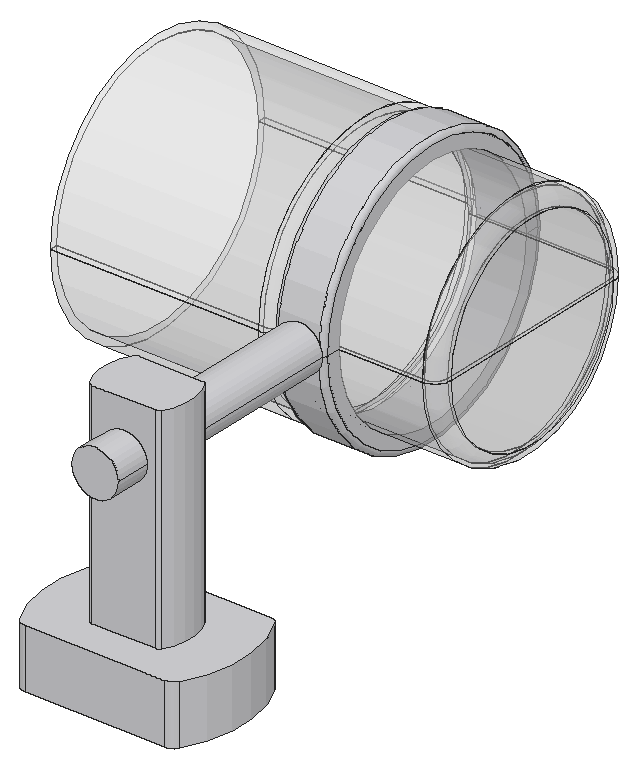
Revit family "01-2556-11 PORTACEPILLOS METALICO (EVO) PORTOBELLO", category Plumbing Fixtures, host Face, Revit 2018
Family settings
  Host = Face
  Round Connector Dimension = Use Diameter
  Part Type = Normal
  OmniClass Number = 23.31.11.00
  Cut with Voids When Loaded = No
  Shared = No
  Room Calculation Point = No
Parameters (values of type "01-2556-11")
  Waste Water Outlet = ""
  Vidrio esmerilado = Vidrio Esmerilado
  Metal laton cromado = Metal Laton Cromado
  Link Ficha Tecnica = "http://infotecnica.gricol.com/FT_01255611.pdf"
  Waste Connection = 1 = 0  # no
  Vent Connection = 1 = 0  # no
  URL = "https://www.gricol.com/"
  Type Image = <None>
  Product Name = "PORTACEPILLOS METALICO (EVO) PORTOBELLO"  # constant formula
  Profundidad = 69.0 mm
  Ancho Soporte = 33.0 mm
  Alto vaso = 95.0 mm
  Alto Soporte = 48.5 mm
  Model = "01-2556-11"  # constant formula
  Manufacturer = "Gricol"  # constant formula
  HW Connection = 1 = 1  # yes
  Description = "Portacepillo "  # constant formula
  Default Elevation = 0.0 mm
  Date Modified = ""
  Date Created = "05/28/2020"  # constant formula
  Copyright = "All rights reserved © Gricol - 2020."  # constant formula
  CW Connection = 1 = 1  # yes
  Assembly Code = ""
  Diametro = 68.0 mm
Reference planes
  plane 1 "Center (Front/Back)": y = 0
  plane 2: z = 0
  plane 3 "Center (Left/Right)": x = 0
  plane 4: x = -25
  plane 5: x = 23.5
  plane 6: y = 16.5
  plane 7: y = -16.5
  plane 8: x = -25
  plane 9: y = 48.366
  plane 10: z = 69
  plane 11: y = 116.366
  plane 12: x = -63.227
  plane 13: x = 31.773
Dimensions and locks
  "Alto Soporte": plane 4 to plane 5
  "Ancho Soporte": plane 7 to plane 6
  "Diametro": plane 9 to plane 11
  "Alto vaso": plane 12 to plane 13
  "Profundidad": plane 10 to level
  level to plane 10 = 69.0 mm
  aligned and locked: plane 2 to host face
  aligned and locked: level to host face
Automatic sketch dimensions
  host sketch curve to host sketch curve = 193.997 mm
  host sketch curve to host sketch curve = 224.7 mm
Nested families
  nested 1: "PORTACEPILLOS METALICO (EVO) PORTOBELLO" at (0, 0, 0) x (0, 1, 0) z (0, 0, 1), type "PORTACEPILLOS METALICO (EVO) PORTOBELLO"
Definition of nested family "PORTACEPILLOS METALICO (EVO) PORTOBELLO"
  Parameters (values of type "PORTACEPILLOS METALICO (EVO) PORTOBELLO")
    Vaso Portacepillos = none
    Brazo Portacepillos = none
    Alto vaso = 95.0 mm
    Alto soporte = 69.0 mm
  Reference planes
    plane 1 "Center (Front/Back)": y = 0
    plane 2: z = 0
    plane 3 "Center (Left/Right)": x = 0
    plane 4: y = 24.25
    plane 5: y = -24.25
    plane 6: x = -16.5
    plane 7: x = 16.5
    plane 8: x = 48.366
    plane 9: x = 82.366
    plane 10: x = 116.366
    plane 11: z = 55.915
    plane 12: y = -31.773
    plane 13: y = 63.227
    plane 14: z = 69
  Forms (mm)
    Revolve 1, solid
      sketch origin (11.094, 127.435, 55.915) x (0, 1, 0) y (-1, 0, 0)
        loop
          line (-159.22, -71.273) -> (-158.217, -71.273) -> (-158.217, -45.641)
          arc (-158.217, -45.641) -> (-157.241, -43.284) -> (-154.884, -42.307) r 3.333
          line (-154.884, -42.307) -> (-119.701, -42.307)
          arc (-119.701, -42.307) -> (-118.804, -40.141) -> (-116.639, -39.244) r 3.063
          line (-116.639, -39.244) -> (-64.208, -39.244) -> (-64.208, -37.273) -> (-116.938, -37.273)
          arc (-116.938, -37.273) -> (-119.861, -38.483) -> (-121.072, -41.406) r 4.134
          line (-121.072, -41.406) -> (-155.133, -41.406)
          arc (-155.133, -41.406) -> (-158.023, -42.603) -> (-159.22, -45.493) r 4.087
          line (-159.22, -45.493) -> (-159.22, -71.273)
        axis (-64.208, -71.273) -> (-159.22, -71.273)
      angle from 0 to 360
    Extrusion 2, solid
      sketch origin (11.108, 11.063, 75) x (0, -1, 0) y (0, 0, -1)
        loop
          circle (11.063, 19.085) r 5.88
      from -27.608 to 41.392
    Revolve 3, solid
      sketch origin (11.094, 121.749, 55.915) x (0, 1, 0) y (-1, 0, 0)
        loop
          arc (-115.394, -37.825) -> (-115.764, -36.931) -> (-116.658, -36.561) r 1.264
          line (-116.658, -36.561) -> (-126.981, -36.561)
          arc (-126.981, -36.561) -> (-127.817, -37.07) -> (-128.156, -37.988) r 1.489
          line (-128.156, -37.988) -> (-128.156, -41.406) -> (-115.394, -41.406) -> (-115.394, -37.825)
        axis (-115.394, -71.273) -> (-128.156, -71.273)
      angle from 0 to 360
    Extrusion 4, solid
      sketch origin (12.885, 23.453, 0) x (-1, 0, 0) y (0, -1, 0)
        loop
          line (-3.615, 41.106) -> (-3.615, 5.799)
          arc (-3.615, 5.799) -> (-3.211, 4.296) -> (-2.107, 3.197) r 3
          arc (-2.107, 3.197) -> (12.885, -0.797) -> (27.878, 3.197) r 30.134
          arc (27.878, 3.197) -> (28.981, 4.296) -> (29.385, 5.799) r 3
          line (29.385, 5.799) -> (29.385, 41.106)
          arc (29.385, 41.106) -> (28.981, 42.61) -> (27.878, 43.708) r 3
          arc (27.878, 43.708) -> (12.885, 47.703) -> (-2.107, 43.708) r 30.134
          arc (-2.107, 43.708) -> (-3.211, 42.61) -> (-3.615, 41.106) r 3
      from 0 to 15
    Extrusion 5, solid
      sketch origin (12.885, 23.453, 0) x (-1, 0, 0) y (0, -1, 0)
        loop
          line (5.401, 31.46) -> (5.401, 15.445)
          arc (5.401, 15.445) -> (5.584, 14.763) -> (6.085, 14.265) r 1.361
          arc (6.085, 14.265) -> (12.885, 12.453) -> (19.686, 14.265) r 13.669
          arc (19.686, 14.265) -> (20.186, 14.763) -> (20.369, 15.445) r 1.361
          line (20.369, 15.445) -> (20.369, 31.46)
          arc (20.369, 31.46) -> (20.186, 32.142) -> (19.686, 32.64) r 1.361
          arc (19.686, 32.64) -> (12.885, 34.452) -> (6.085, 32.64) r 13.669
          arc (6.085, 32.64) -> (5.584, 32.142) -> (5.401, 31.46) r 1.361
      from 15 to 69
  Dimensions and locks
    plane 5 to plane 4 = 48.5 mm
    plane 6 to plane 7 = 33.0 mm
    plane 8 to plane 10 = 68.0 mm
    "Alto vaso": plane 13 to plane 12
    "Alto soporte": level to plane 14
    aligned and locked: plane 2 to level
  Automatic sketch dimensions
    Revolve 1 sketch curve to plane 9 = 0.0 mm  (x2)
    Revolve 1 sketch curve to plane 8 = 0.0 mm
    Revolve 1 sketch curve to plane 13 = 0.0 mm
    Revolve 1 sketch curve to plane 8 = 1.972 mm
    Revolve 1 sketch curve to plane 1 "Center (Front/Back)" = 10.796 mm
    Revolve 1 sketch curve to Revolve 1 sketch curve = 0.299 mm
    plane 5 to Revolve 1 sketch curve = 3.199 mm
    Revolve 1 sketch curve to Revolve 1 sketch curve = 0.249 mm
    plane 12 to Revolve 1 sketch curve = 0.991 mm
    Revolve 1 sketch curve to plane 12 = 0.011 mm
    Revolve 1 sketch curve to Revolve 1 sketch curve = 13.457 mm
    plane 13 to Revolve 1 sketch curve = 1.531 mm
    Extrusion 2 sketch curve to plane 1 "Center (Front/Back)" = 0.0 mm
    Extrusion 2 sketch curve to plane 11 = 0.0 mm
    Revolve 3 sketch curve to plane 9 = 0.0 mm
    plane 1 "Center (Front/Back)" to Revolve 3 sketch curve = 6.407 mm
    plane 8 to Revolve 3 sketch curve = 0.711 mm
    Revolve 3 sketch curve to Revolve 3 sketch curve = 1.175 mm
    Revolve 3 sketch curve to plane 8 = 0.745 mm
    Revolve 3 sketch curve to Revolve 3 sketch curve = 1.489 mm
    Revolve 3 sketch curve to plane 8 = 0.553 mm
    Revolve 3 sketch curve to plane 1 "Center (Front/Back)" = 5.091 mm
    plane 12 to Revolve 3 sketch curve = 1.141 mm
    Revolve 3 sketch curve to plane 13 = 4.545 mm
    Extrusion 4 sketch curve to plane 7 = 0.0 mm
    Extrusion 4 sketch curve to plane 3 "Center (Left/Right)" = 0.0 mm  (x2)
    Extrusion 4 sketch curve to plane 6 = 0.0 mm
    plane 7 to Extrusion 4 sketch curve = 3.0 mm  (x2)
    Extrusion 4 sketch curve to Extrusion 4 sketch curve = 3.0 mm  (x2)
    plane 4 to Extrusion 4 sketch curve = 6.597 mm  (x2)
    Extrusion 4 sketch curve to plane 1 "Center (Front/Back)" = 5.884 mm
    plane 1 "Center (Front/Back)" to Extrusion 4 sketch curve = 5.884 mm
    Extrusion 4 sketch curve to plane 5 = 6.597 mm  (x2)
    Extrusion 4 sketch curve to Extrusion 4 sketch curve = 0.0 mm  (x2)
    Extrusion 5 sketch curve to plane 3 "Center (Left/Right)" = 0.0 mm  (x2)
    plane 3 "Center (Left/Right)" to Extrusion 5 sketch curve = 6.124 mm  (x2)
    Extrusion 5 sketch curve to Extrusion 5 sketch curve = 1.361 mm  (x2)
    Extrusion 5 sketch curve to plane 3 "Center (Left/Right)" = 6.124 mm  (x2)
    Extrusion 5 sketch curve to plane 1 "Center (Front/Back)" = 8.007 mm  (x2)
    Extrusion 5 sketch curve to plane 1 "Center (Front/Back)" = 2.669 mm
    plane 1 "Center (Front/Back)" to Extrusion 5 sketch curve = 2.669 mm
    plane 1 "Center (Front/Back)" to Extrusion 5 sketch curve = 8.007 mm  (x2)
    Extrusion 5 sketch curve to Extrusion 5 sketch curve = 0.0 mm  (x2)
    Revolve 1 sketch curve to Revolve 1 sketch curve = 4.134 mm
    Revolve 1 sketch curve to Revolve 1 sketch curve = 1.37 mm
    Revolve 3 sketch curve to Revolve 3 sketch curve = 3.418 mm
    radius of Extrusion 2 sketch curve = 5.88 mm
